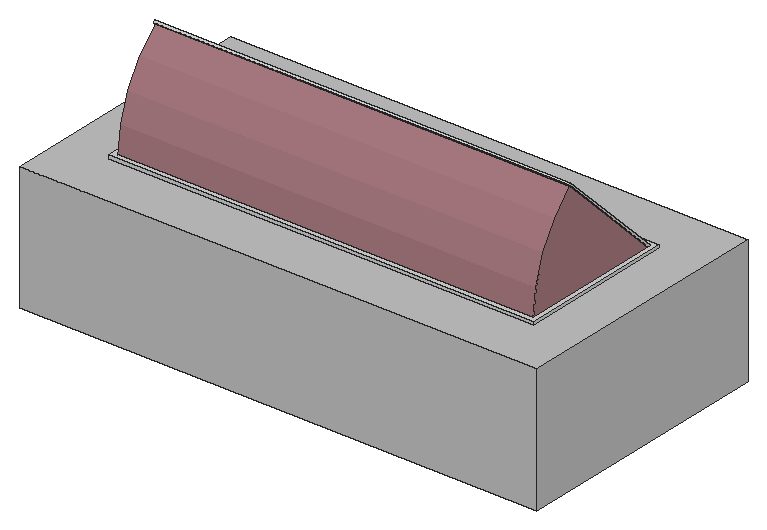
Revit family "ALE_RB80_C80", category Equipement spécialisé, Revit 2017
Family settings
  Cote de connecteur circulaire = Utiliser le diamètre
  Type d'élément = Normal
  Basée sur le plan de construction = Non
  Toujours verticalement = Oui
  Couper avec des vides une fois chargée = Non
  Partagée = Non
  Point de calcul de pièce = Non
Parameters (values of type "ALE RoadBlocker - 3930 mm x 1390 mm")
  matériau_massif = MASSIF BETON
  matériau_cadre = PLAQUE AU SOL
  matèriau_barrière = POSTE ESCAMOTABLE
  longueur_massif = 4900 mm
  largeur_plaque = largeur - 50 mm  # 1340 mm
  largeur_massif = 2500 mm
  largeur = 1390 mm
  longueur = 3930 mm
  hauteur_massif = 1200 mm
  epaisseur_plaque = 20 mm
  epaisseur_cadre = 30 mm
  URL = "http://bornes-escamotables.com/"
  Modèle = "RB35 C50"
  L2 = longueur  # 3930 mm
  L1 = L2 / 2  # 1965 mm
  Hauteur_barrière = 380 mm
  Fabricant = "AMCO Les Escamotables"
Types (2, lengths in mm): name | longueur_massif | longueur | epaisseur_plaque | Modèle | L2 | L1
  ALE RoadBlocker - 3030 mm x 1390 mm | 4000 | 3030 | 30 | "RB80 C80" | 3030 | 1515
  ALE RoadBlocker - 3930 mm x 1390 mm | 4900 | 3930 | 20 | "RB35 C50" | 3930 | 1965
Reference planes
  plane 1 "Centre (avant/arrière)": y = 0
  plane 2: z = 0
  plane 3 "Centre (gauche/droite)": x = 0
  plane 4: y = 695
  plane 5: x = 1965
  plane 6: x = -1965
  plane 7: y = -695
  plane 8: y = -260
  plane 9: y = 260
  plane 10: z = 30
  plane 11: y = 745
  plane 12: x = 2015
  plane 13: y = -745
  plane 14: x = -2015
  plane 15: y = 260
Forms (mm)
  Extrusion 1, solid, material "PLAQUE AU SOL" <- "matériau_cadre"
    sketch origin (0, 0, 0) x (1, 0, 0) y (0, 1, 0)
      loop
        line (-1965, 695) -> (-1965, -695) -> (1965, -695) -> (1965, 695) -> (-1965, 695)
      loop
        line (-2015, 745) -> (-2015, -745) -> (2015, -745) -> (2015, 745) -> (-2015, 745)
    from 0 to 30
  Sweep 2, solid, material "POSTE ESCAMOTABLE" <- "matèriau_barrière"
    path origin (0, 0, 0) x (1, 0, 0) y (0, 1, 0)
      loop
        line (-1965, 0) -> (1965, 0)
    profile origin (0, 0, 0) x (0, 1, 0) y (0, 0, 1)
      loop
        line (695, 0) -> (-248.763, 943.763)
        arc (-248.763, 943.763) -> (-571.462, 518.966) -> (-695, 0) r 1291.814
        line (-695, 0) -> (695, 0)
Lines and regions (mm)
  symbolic lines
    curve 1: line (2015, 745, 0) -> (-2015, 745, 0)
    curve 2: line (-2015, 745, 0) -> (-2015, -745, 0)
    curve 3: line (-2015, -745, 0) -> (2015, -745, 0)
    curve 4: line (2015, -745, 0) -> (2015, 745, 0)
    curve 5: line (1965, 695, 0) -> (1965, -695, 0)
    curve 6: line (-1965, -695, 0) -> (-1965, 695, 0)
    curve 7: line (-1965, 695, 0) -> (1965, 695, 0)
    curve 8: line (-1965, -695, 0) -> (1965, -695, 0)
Dimensions and locks
  equal spacing: plane 6, plane 3 "Centre (gauche/droite)", plane 5
  "longueur": plane 6 to plane 5
  equal spacing: plane 4, plane 1 "Centre (avant/arrière)", plane 7
  "largeur": plane 4 to plane 7
  equal spacing: plane 8, plane 1 "Centre (avant/arrière)", plane 9
  plane 8 to plane 9 = 520 mm
  locked: plane 7 to plane 13 at 50
  equal spacing: plane 11, plane 1 "Centre (avant/arrière)", plane 13
  equal spacing: plane 14, plane 3 "Centre (gauche/droite)", plane 12
  locked: plane 14 to plane 6 at 50
  "epaisseur_cadre": plane 10 to level
  angle Sweep 2 sketch curve to plane 2 = 45.00°
  aligned and locked: level to plane 2
  aligned and locked: Extrusion 1 sketch curve to plane 7
  aligned and locked: Extrusion 1 sketch curve to plane 5
  aligned and locked: Extrusion 1 sketch curve to plane 4
  aligned and locked: Extrusion 1 sketch curve to plane 6
  aligned and locked: Extrusion 1 sketch curve to plane 11
  aligned and locked: Extrusion 1 sketch curve to plane 12
  aligned and locked: plane 13 to Extrusion 1 sketch curve
  aligned and locked: Extrusion 1 sketch curve to plane 14
  aligned and locked: plane 5 to Sweep 2 sketch curve
  aligned and locked: plane 6 to Sweep 2 sketch curve
  aligned and locked: plane 1 "Centre (avant/arrière)" to Sweep 2 sketch curve
  aligned and locked: Extrusion 1 to plane 10
  aligned and locked: plane 7 to Sweep 2 sketch curve
  aligned and locked: plane 4 to Sweep 2 sketch curve
  aligned and locked: plane 2 to Sweep 2 sketch curve  (x2)
  aligned and locked: curve 5 to plane 5
  aligned and locked: curve 6 to plane 6
  aligned and locked: curve 7 to plane 4
  aligned and locked: curve 8 to plane 7
  aligned and locked: curve 1 to Extrusion 1
  aligned and locked: curve 2 to Extrusion 1
  aligned and locked: curve 3 to Extrusion 1
  aligned and locked: curve 4 to Extrusion 1
  aligned and locked: plane 3 "Centre (gauche/droite)" to nested 1
Automatic sketch dimensions
  Sweep 2 sketch curve to level = 33.224 mm
  Sweep 2 sketch curve to Sweep 2 sketch curve = 98.613 mm
Nested families
  nested 1: "LBA_plaque_borne" at (0, 205.439, 489.561) x (1, 0, 0) z (0, 0.7071, 0.7071), type "PLAQUE"
    with Largeur_plaque 1340 mm, l2_plaque 1965 mm, l1_plaque 1965 mm, Longueur_plaque 3930 mm
  nested 2: "LBA_massif_sousterre_carré" at (0, 0, 0), type "Base"
    with longueur 4900 mm, largeur 2500 mm, hauteur_massif 1200 mm
Definition of nested family "LBA_plaque_borne"
  Parameters (values of type "PLAQUE")
    Largeur_plaque = 930 mm
    epaisseur_plaque = 20 mm
    l2_plaque = Longueur_plaque - l1_plaque  # 1515 mm
    l1_plaque = 1515 mm
    Matériau_plaque = none
    Longueur_plaque = 3030 mm
    Default Elevation = 1219.2 mm
  Reference planes
    plane 1 "Centre (avant/arrière)": y = 0
    plane 2: z = 0
    plane 3 "Centre (gauche/droite)": x = 0
    plane 4: y = 465
    plane 5: x = 1515
    plane 6: x = -1515
    plane 7: y = -465
    plane 8: y = -125
    plane 9: y = 125
    plane 10: z = 20
  Forms (mm)
    Extrusion 1, solid, material <- "Matériau_plaque"
      sketch origin (0, 0, 0) x (1, 0, 0) y (0, 1, 0)
        loop
          line (-1515, 465) -> (-1515, -465) -> (1515, -465) -> (1515, 465) -> (-1515, 465)
      from 0 to 20
  Lines and regions (mm)
    symbolic lines
      curve 1: line (1515, 465, 0) -> (-1515, 465, 0)
      curve 2: line (1515, -465, 0) -> (1515, 465, 0)
      curve 3: line (-1515, -465, 0) -> (1515, -465, 0)
      curve 4: line (-1515, 465, 0) -> (-1515, -465, 0)
    model lines, not visible
      curve 5: circle (0, 465, 0) r 20 normal (1, 0, 0)
  Dimensions and locks
    equal spacing: plane 4, plane 1 "Centre (avant/arrière)", plane 7
    "Largeur_plaque": plane 4 to plane 7
    equal spacing: plane 8, plane 1 "Centre (avant/arrière)", plane 9
    plane 8 to plane 9 = 250 mm
    "epaisseur_plaque": plane 10 to plane 2
    "l1_plaque": plane 3 "Centre (gauche/droite)" to plane 5
    "l2_plaque": plane 6 to plane 3 "Centre (gauche/droite)"
    aligned and locked: level to plane 2
    aligned and locked: Extrusion 1 sketch curve to plane 4
    aligned and locked: plane 6 to Extrusion 1 sketch curve
    aligned and locked: Extrusion 1 sketch curve to plane 7
    aligned and locked: Extrusion 1 sketch curve to plane 5
    aligned and locked: plane 10 to Extrusion 1
    aligned and locked: curve 1 to Extrusion 1
    aligned and locked: curve 2 to Extrusion 1
    aligned and locked: curve 3 to Extrusion 1
    aligned and locked: curve 4 to Extrusion 1
  Automatic sketch dimensions
    curve 5 to level = 0 mm
    curve 5 to plane 4 = 0 mm
    radius of curve 5 = 20 mm
Definition of nested family "LBA_massif_sousterre_carré"
  Parameters (values of type "Base")
    longueur = 1700 mm
    largeur = 1700 mm
    hauteur_massif = 1760 mm
    Matériau_piston = none
  Reference planes
    plane 1 "Centre (avant/arrière)": y = 0
    plane 2: z = 0
    plane 3 "Centre (gauche/droite)": x = 0
    plane 4: y = -125
    plane 5: y = 125
    plane 6: z = -1760
    plane 7: x = -850
    plane 8: x = 850
    plane 9: y = -850
    plane 10: y = 850
  Forms (mm)
    Extrusion 1, solid, material <- "Matériau_piston"
      sketch origin (0, 0, 0) x (1, 0, 0) y (0, 1, 0)
        loop
          line (-850, 850) -> (-850, -850) -> (850, -850) -> (850, 850) -> (-850, 850)
      from 0 to -1760
  Lines and regions (mm)
    symbolic lines
      curve 1: line (-850, 850, 0) -> (850, 850, 0)
      curve 2: line (-850, -850, 0) -> (-850, 850, 0)
      curve 3: line (850, -850, 0) -> (-850, -850, 0)
      curve 4: line (850, 850, 0) -> (850, -850, 0)
  Dimensions and locks
    equal spacing: plane 4, plane 1 "Centre (avant/arrière)", plane 5
    plane 4 to plane 5 = 250 mm
    "hauteur_massif": plane 2 to plane 6
    equal spacing: plane 7, plane 3 "Centre (gauche/droite)", plane 8
    equal spacing: plane 10, plane 1 "Centre (avant/arrière)", plane 9
    "largeur": plane 10 to plane 9
    "longueur": plane 7 to plane 8
    aligned and locked: level to plane 2
    aligned and locked: plane 6 to Extrusion 1
    aligned and locked: plane 2 to Extrusion 1
    aligned and locked: Extrusion 1 sketch curve to plane 10
    aligned and locked: Extrusion 1 sketch curve to plane 7
    aligned and locked: Extrusion 1 sketch curve to plane 9
    aligned and locked: Extrusion 1 sketch curve to plane 8
    aligned and locked: curve 1 to plane 10
    aligned and locked: curve 2 to plane 7
    aligned and locked: curve 3 to plane 9
    aligned and locked: curve 4 to plane 8
